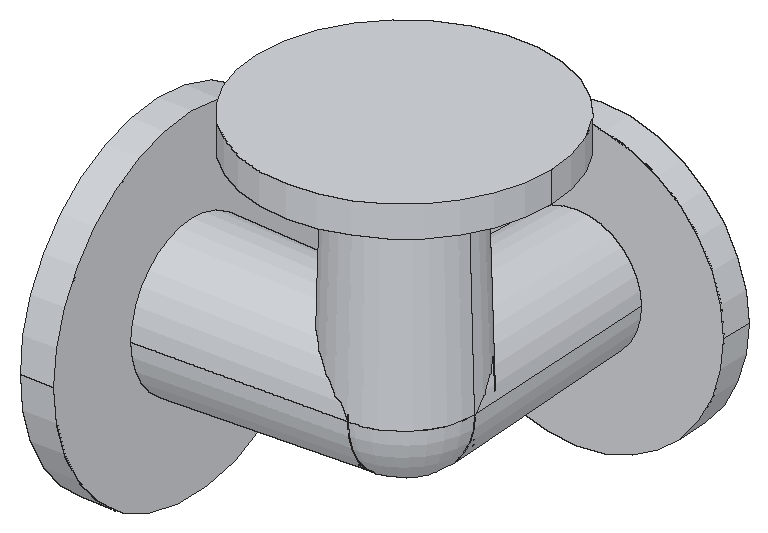
Revit family "3f6d369175e14b898373a57449e88292", category Pipe Fittings, Revit 2021
Family settings
  Round Connector Dimension = Use Radius
  Part Type = Multi Port
  OmniClass Number = 23.60.30.11.14
  OmniClass Title = Pipework Fittings
  Seek Item ID = Elbow Reducing Side-Outlet - Flanged - GI - Class 125-0000-USA-ENU
  Work Plane-Based = No
  Always vertical = Yes
  Cut with Voids When Loaded = No
  Shared = No
Parameters (values of type "Standard")
  Wall Thickness 3 [instance] = size_lookup(Lookup Table Name, "WThk", 0.04 * Nominal Diameter 3 + 5/16", Nominal Diameter 3)  # 0.31102"
  Wall Thickness 2 [instance] = size_lookup(Lookup Table Name, "WThk", 0.04 * Nominal Diameter 2 + 5/16", Nominal Diameter 2)  # 0.31102"
  Wall Thickness 1 [instance] = size_lookup(Lookup Table Name, "WThk", 0.04 * Nominal Diameter 1 + 5/16", Nominal Diameter 1)  # 0.31102"
  Tick Size 3 [instance] = Flange Diameter 3 * 0.4  # 2.3937"
  Tick Size 2 [instance] = Flange Diameter 2 * 0.4  # 2.3937"
  Tick Size 1 [instance] = Flange Diameter 1 * 0.4  # 2.80315"
  Nominal Radius 3 [instance] = 1"
  Nominal Radius 2 [instance] = 1"
  Nominal Diameter 3 [instance] = Nominal Radius 3 * 2  # 2"
  Nominal Diameter 2 [instance] = Nominal Radius 2 * 2  # 2"
  Loss Method = Not Defined
  Lookup Table Name = "Elbow Reducing Side-Outlet - Flanged - GI - Class 125"
  Length 9 [instance] = Center to Face + Center to Face * cos(Angle 2)  # 5"
  Length 8 [instance] = Center to Face * sin(Angle 1)  # 5"
  Length 7 [instance] = Center to Face + Center to Face * cos(Angle 1)  # 5"
  Length 6 [instance] = Length 4 * sin(Angle 2)  # 4.37402"
  Length 5 [instance] = Center to Face + Length 4 * cos(Angle 2)  # 5"
  Length 4 [instance] = Center to Face - Flange Thickness 3  # 4.37402"
  Length 3 [instance] = Length 1 * sin(Angle 1)  # 4.37402"
  Length 2 [instance] = Center to Face + Length 1 * cos(Angle 1)  # 5"
  Length 15 [instance] = Center to Face - Flange Thickness 3  # 4.37402"
  Length 14 [instance] = Center to Face - Fitting Outside Radius 4 * cos(Angle 2)  # 5"
  Length 13 [instance] = Fitting Outside Radius 4 * sin(Angle 2)  # 1.44291"
  Length 12 [instance] = Center to Face - Fitting Outside Radius 4 * cos(Angle 2)  # 5"
  Length 11 [instance] = Fitting Outside Radius 4 * sin(Angle 2)  # 1.44291"
  Length 10 [instance] = Center to Face * sin(Angle 2)  # 5"
  Length 1 [instance] = Center to Face - Flange Thickness 2  # 4.37402"
  Max Nominal Diameter 123 [instance] = if(Max Nominal Diameter 12 > Nominal Diameter 3, Max Nominal Diameter 12, Nominal Diameter 3)  # 2 1/2"
  Max Nominal Diameter 12 [instance] = if(Nominal Diameter 1 > Nominal Diameter 2, Nominal Diameter 1, Nominal Diameter 2)  # 2 1/2"
  Flange Thickness 3 [instance] = size_lookup(Lookup Table Name, "FThk", 0.05 * Nominal Diameter 3 + 161/256", Nominal Diameter 3)  # 0.62598"
  Flange Thickness 2 [instance] = size_lookup(Lookup Table Name, "FThk", 0.05 * Nominal Diameter 2 + 161/256", Nominal Diameter 2)  # 0.62598"
  Flange Radius 3 [instance] = Flange Diameter 3 / 2  # 2.99213"
  Flange Radius 2 [instance] = Flange Diameter 2 / 2  # 2.99213"
  Flange Diameter 3 [instance] = size_lookup(Lookup Table Name, "FDia", 1.19 * Nominal Diameter 3 + 3 31/32", Nominal Diameter 3)  # 5.98425"
  Flange Diameter 2 [instance] = size_lookup(Lookup Table Name, "FDia", 1.19 * Nominal Diameter 2 + 3 31/32", Nominal Diameter 2)  # 5.98425"
  Fitting Outside Radius 3 [instance] = Fitting Outside Diameter 3 / 2  # 1.31496"
  Fitting Outside Radius 4 [instance] = (Fitting Outside Radius 1 + Fitting Outside Radius 2) / 2  # 1.44291"
  Fitting Outside Radius 2 [instance] = Fitting Outside Diameter 2 / 2  # 1.31496"
  Fitting Outside Radius 1 [instance] = Fitting Outside Diameter 1 / 2  # 1.57087"
  Fitting Outside Diameter 2 [instance] = Fitting Inside Diameter 2 + Wall Thickness 2 * 2  # 2.62992"
  Fitting Outside Diameter 1 [instance] = Fitting Inside Diameter 1 + Wall Thickness 1 * 2  # 3.14173"
  Nominal Radius 1 [instance] = 1 1/4"
  Nominal Diameter 1 [instance] = Nominal Radius 1 * 2  # 2 1/2"
  Fitting Outside Diameter 3 [instance] = Fitting Inside Diameter 3 + Wall Thickness 3 * 2  # 2.62992"
  Fitting Inside Diameter 3 [instance] = size_lookup(Lookup Table Name, "FID", 1.02 * Nominal Diameter 3 - 11/256", Nominal Diameter 3)  # 2.00787"
  Fitting Inside Diameter 2 [instance] = size_lookup(Lookup Table Name, "FID", 1.02 * Nominal Diameter 2 - 11/256", Nominal Diameter 2)  # 2.00787"
  Fitting Inside Diameter 1 [instance] = size_lookup(Lookup Table Name, "FID", 1.02 * Nominal Diameter 1 - 11/256", Nominal Diameter 1)  # 2.51969"
  Default Elevation = 0' - 0"
  Center to Face [instance] = size_lookup(Lookup Table Name, "CtF", 0.68 * Max Nominal Diameter 123 + 3 49/64", Max Nominal Diameter 123)  # 5"
  Flange Thickness 1 [instance] = size_lookup(Lookup Table Name, "FThk", 0.05 * Nominal Diameter 1 + 161/256", Nominal Diameter 1)  # 0.68898"
  Flange Radius 1 [instance] = Flange Diameter 1 / 2  # 3.50394"
  Flange Diameter 1 [instance] = size_lookup(Lookup Table Name, "FDia", 1.19 * Nominal Diameter 1 + 3 31/32", Nominal Diameter 1)  # 7.00787"
  Assembly Code = ""
  Angle 3 [instance] = 90.00° - Angle 2  # 0.00°
  Angle 2 [instance] = 90.00°
  Angle 1 [instance] = 90.00°
Reference planes (in)
  plane 1 "Center (Front/Back)": y = 0
  plane 2: z = 0
  plane 3 "Center (Left/Right)": x = 0
  plane 4: x = -5
  plane 5: x = -4.31102
  plane 6: y = 4.37402
  plane 7: x = 0
  plane 8: z = 4.37402
  plane 9: x = 0
  plane 10: x = 0
  plane 11: y = 5
  plane 12: x = 0
  plane 13: z = 5
  plane 14: x = 0
  plane 15: z = -1.44291
  plane 16: x = 0
  plane 17: z = -1.44291
Forms (in)
  Sweep 1, solid, detail levels fine
    path in 3D
      loop
        line (-5, 0, 0) -> (-4.31102, 0, 0)
    profile origin (-4.65551, 0, 0) x (0, 1, 0) y (0, 0, 1)
      loop
        circle (0, 0) r 3.50394
  SweptBlend 2, solid, detail levels fine
    path in 3D
      loop
        line (-4.31102, 0, 0) -> (0, 0, 0)
    profile origin (-4.31102, 0, 0) x (0, 1, 0) y (0, 0, 1)
      loop
        circle (0, 0) r 1.57087
    end profile origin (0, 0, 0) x (0, 1, 0) y (0, 0, 1)
      loop
        circle (0, 0) r 1.44291
  SweptBlend 3, solid, detail levels fine
    path in 3D
      loop
        line (0, 0, 0) -> (0, 4.37402, 0)
    profile origin (0, 0, 0) x (-1, 0, 0) y (0, 0, 1)
      loop
        circle (0, 0) r 1.44291
    end profile origin (0, 4.37402, 0) x (-1, 0, 0) y (0, 0, 1)
      loop
        circle (0, 0) r 1.31496
  Sweep 4, solid, detail levels fine
    path in 3D
      loop
        line (0, 4.37402, 0) -> (0, 5, 0)
    profile origin (0, 4.68701, 0) x (-1, 0, 0) y (0, 0, 1)
      loop
        circle (0, 0) r 2.99213
  Sweep 5, solid, detail levels fine
    path in 3D
      loop
        line (0, 0, 4.37402) -> (0, 0, 5)
    profile origin (0, 0, 4.68701) x (-1, 0, 0) y (0, -1, 0)
      loop
        circle (0, 0) r 2.99213
  SweptBlend 6, solid, detail levels fine
    path in 3D
      loop
        line (0, 0, 0) -> (0, 0, 4.37402)
    profile origin (0, 0, 0) x (-1, 0, 0) y (0, -1, 0)
      loop
        circle (0, 0) r 1.44291
    end profile origin (0, 0, 4.37402) x (-1, 0, 0) y (0, -1, 0)
      loop
        circle (0, 0) r 1.31496
  Revolve 7, solid, detail levels fine
    sketch origin (0, 0, 0) x (0, 0, -1) y (1, 0, 0)
      loop
        line (0, 0) -> (1.44291, 0)
        arc (1.44291, 0) -> (1.02029, 1.02029) -> (0, 1.44291) r 1.44291
        line (0, 1.44291) -> (0, 0)
      axis (1.44291, 0) -> (0, 0)
    angle from 0 to 360
Cuts and joins
  joined: Sweep 1, SweptBlend 2
  joined: SweptBlend 3, Sweep 4
  joined: Sweep 5, SweptBlend 6
Lines and regions (in)
  model lines, detail levels coarse+medium
    curve 1: line (-4.31102, 0, 0) -> (0, 0, 0)
    curve 2: line (-5, 0, 0) -> (-4.31102, 0, 0)
    curve 5: line (0, 0, 0) -> (0, 4.37402, 0)
    curve 6: line (0, 4.37402, 0) -> (0, 5, 0)
    curve 9: line (0, 0, 0) -> (0, 0, 4.37402)
    curve 10: line (0, 0, 4.37402) -> (0, 0, 5)
    curve 15: line (-5, 2.80315, 0) -> (-5, 0, 0)
    curve 16: line (-5, -2.80315, 0) -> (-5, 0, 0)
    curve 17: line (0, 5, 0) -> (2.3937, 5, 0)
    curve 18: line (0, 5, 0) -> (-2.3937, 5, 0)
    curve 19: line (0, 0, 5) -> (2.3937, 0, 5)
    curve 20: line (0, 0, 5) -> (-2.3937, 0, 5)
  sketch lines
    curve 3: line (-5, 0, 0) -> (-4.31102, 0, 0)
    curve 4: line (-4.31102, 0, 0) -> (0, 0, 0)
    curve 7: line (0, 0, 0) -> (0, 4.37402, 0)
    curve 8: line (0, 4.37402, 0) -> (0, 5, 0)
    curve 11: line (0, 0, 4.37402) -> (0, 0, 5)
    curve 22: line (0, 0, 0) -> (0, 0, 4.37402)
  reference lines
    curve 12: line (-5, 0, 0) -> (-4.31102, 0, 0)
    curve 13: line (0, 5, 0) -> (0, 4.37402, 0)
    curve 14: line (0, 0, 5) -> (0, 0, 4.37402)
    curve 21: line (0, 0, 0) -> (0, 0, 4.37402)
    curve 23: line (0, 0, 0) -> (0, 0, -1.44291)
    curve 24: arc (0, 0, -1.44291) -> (1.02029, 0, -1.02029) -> (1.44291, 0, 0) r 1.44291
    curve 25: line (0, 0, 0) -> (1.44291, 0, 0)
    curve 26: line (0, 0, -1.44291) -> (0, 0, 0)
    curve 27: arc (0, 0, -1.44291) -> (1.02029, 0, -1.02029) -> (1.44291, 0, 0) r 1.44291
    curve 28: line (0, 0, 0) -> (1.44291, 0, 0)
Dimensions and locks (in)
  "Center to Face": plane 4 to plane 3 "Center (Left/Right)"
  "Flange Thickness 1": plane 4 to plane 5
  "Length 1": curve 5 to curve 5
  "Length 2": plane 4 to plane 7
  "Length 3": plane 6 to plane 1 "Center (Front/Back)"
  "Flange Thickness 2": curve 6 to curve 6
  "Length 4": curve 9 to curve 9
  "Length 6": plane 8 to plane 2
  "Length 5": plane 9 to plane 4
  "Flange Thickness 3": curve 10 to curve 10
  "Length 7": plane 4 to plane 10
  "Length 8": plane 11 to plane 1 "Center (Front/Back)"
  "Length 9": plane 12 to plane 4
  "Length 10": plane 13 to plane 2
  "Tick Size 1": curve 15 to curve 15
  "Tick Size 1": curve 16 to curve 16
  "Tick Size 2": curve 17 to curve 17
  "Tick Size 2": curve 18 to curve 18
  "Tick Size 3": curve 19 to curve 19
  "Tick Size 3": curve 20 to curve 20
  "Length 15": curve 21 to curve 21
  "Length 11": plane 2 to plane 15
  "Length 13": plane 2 to plane 17
  "Length 14": plane 16 to plane 4
  "Length 12": plane 14 to plane 4
  "Fitting Outside Radius 4": curve 23 to curve 23
  "Fitting Outside Radius 4": curve 25 to curve 25
  locked: Revolve 7 sketch curve to Revolve 7 sketch curve at 7.88189
  "Flange Radius 1": radius of Sweep 1 sketch curve
  "Fitting Outside Radius 1": radius of SweptBlend 2 sketch curve
  "Fitting Outside Radius 4": radius of SweptBlend 2 sketch curve
  "Fitting Outside Radius 4": radius of SweptBlend 3 sketch curve
  "Fitting Outside Radius 2": radius of SweptBlend 3 sketch curve
  "Flange Radius 2": radius of Sweep 4 sketch curve
  "Flange Radius 3": radius of Sweep 5 sketch curve
  "Fitting Outside Radius 4": radius of SweptBlend 6 sketch curve
  "Fitting Outside Radius 3": radius of SweptBlend 6 sketch curve
  "Angle 1": angle plane 1 "Center (Front/Back)" to curve 5
  "Angle 1": angle plane 6 to curve 6
  "Angle 2": angle plane 2 to curve 9
  "Angle 2": angle plane 8 to curve 10
  "Angle 1": angle plane 11 to curve 13
  "Angle 2": angle plane 13 to curve 14
  locked: curve 5 to curve 17 (angle 90.00°)
  locked: curve 18 to curve 5 (angle 90.00°)
  locked: curve 9 to curve 19 (angle 90.00°)
  locked: curve 20 to curve 9 (angle 90.00°)
  "Angle 2": angle plane 2 to curve 21
  "Angle 2": angle plane 2 to curve 23
  locked: curve 24 to curve 24 (angle 90.00°)
  locked: curve 23 to curve 25 (angle 90.00°)
  "Angle 2": angle plane 2 to Revolve 7 sketch curve
  "Angle 2": angle plane 17 to curve 26
  locked: curve 27 to curve 27 (angle 90.00°)
  locked: curve 26 to curve 28 (angle 90.00°)
  aligned and locked: plane 1 "Center (Front/Back)" to curve 1
  aligned and locked: plane 4 to curve 2
  aligned and locked: plane 5 to curve 2
  aligned and locked: plane 3 "Center (Left/Right)" to curve 5
  aligned and locked: plane 1 "Center (Front/Back)" to curve 5
  aligned and locked: plane 2 to curve 9
  aligned and locked: plane 3 "Center (Left/Right)" to curve 9
  aligned and locked: plane 4 to curve 12
  aligned and locked: plane 1 "Center (Front/Back)" to curve 12
  aligned and locked: plane 11 to curve 13
  aligned and locked: plane 10 to curve 13
  aligned and locked: plane 13 to curve 14
  aligned and locked: plane 12 to curve 14
  aligned and locked: curve 15 to plane 4
  aligned and locked: plane 1 "Center (Front/Back)" to curve 16
  aligned and locked: plane 4 to curve 16
  aligned and locked: plane 2 to curve 21
  aligned and locked: plane 3 "Center (Left/Right)" to curve 21
  aligned and locked: plane 2 to curve 5
  aligned: plane 10 to curve 5
  aligned and locked: plane 15 to curve 24
  aligned and locked: plane 14 to curve 24
  aligned and locked: plane 2 to curve 24
  aligned and locked: plane 3 "Center (Left/Right)" to curve 24
  aligned and locked: plane 2 to curve 13
  aligned: plane 3 "Center (Left/Right)" to curve 5
  aligned and locked: Revolve 7 sketch curve to curve 23
  aligned and locked: Revolve 7 sketch curve to curve 25
  aligned and locked: Revolve 7 sketch curve to curve 24
  aligned and locked: plane 2 to Revolve 7 sketch curve
  aligned and locked: plane 3 "Center (Left/Right)" to Revolve 7 sketch curve
  aligned and locked: plane 17 to curve 26
  aligned and locked: plane 16 to curve 26
  aligned and locked: plane 2 to curve 27
  aligned and locked: plane 16 to curve 27
  aligned and locked: plane 3 "Center (Left/Right)" to curve 28
  aligned and locked: plane 2 to curve 28
Automatic sketch dimensions
  curve 12 to plane 5 = 0' - 0"
  Sweep 1 sketch curve to profile plane = 0' - 0"  (x2)
  SweptBlend 2 sketch curve to profile plane = 0' - 0"  (x4)
  SweptBlend 3 sketch curve to profile plane = 0' - 0"  (x4)
  Sweep 4 sketch curve to profile plane = 0' - 0"  (x2)
  Sweep 5 sketch curve to profile plane = 0' - 0"
  profile plane to Sweep 5 sketch curve = 0' - 0"
  SweptBlend 6 sketch curve to profile plane = 0' - 0"  (x2)
  profile plane to SweptBlend 6 sketch curve = 0' - 0"  (x2)
Connectors (in)
  piping at (-5, 0, 0), diameter 2.5, driven by "Angle 1", driven by "Nominal Radius 1"
    settings: on cut or joined group of Sweep 1, SweptBlend 2, index 1, connector inside diameter 2 1/2", connector length 0' - 0", flow factor 0, pipe flow 0 GPM, pressure drop 0.00 psi, fitting loss kfactor 0, connector angle 90.00°, fixture units 0, engagement length 0' - 0", angle of deflection 0.00°, flow configuration 0, flow direction 0, fitting loss method 0, system type 28, joint type 0, gender type 0, connector reference index 2, connector utility 0, adjustable connector no, is connector primary yes, connector description ""
  piping at (0, 5, 0), diameter 2, driven by "Angle 1", driven by "Nominal Radius 2"
    settings: on cut or joined group of SweptBlend 3, Sweep 4, index 2, connector inside diameter 2", connector length 0' - 0", flow factor 0, pipe flow 0 GPM, pressure drop 0.00 psi, fitting loss kfactor 0, connector angle 90.00°, fixture units 0, engagement length 0' - 0", angle of deflection 0.00°, flow configuration 0, flow direction 0, fitting loss method 0, system type 28, joint type 0, gender type 0, connector reference index 1, connector utility 0, adjustable connector no, is connector primary no, connector description ""
  piping at (0, 0, 5), diameter 2, driven by "Nominal Radius 3", driven by "Angle 2"
    settings: on Sweep 5, index 3, connector inside diameter 2", connector length 0' - 0", flow factor 0, pipe flow 0 GPM, pressure drop 0.00 psi, fitting loss kfactor 0, connector angle 90.00°, fixture units 0, engagement length 0' - 0", angle of deflection 0.00°, flow configuration 0, flow direction 0, fitting loss method 0, system type 28, joint type 0, gender type 0, connector reference index -1, connector utility 0, adjustable connector no, is connector primary no, connector description ""
